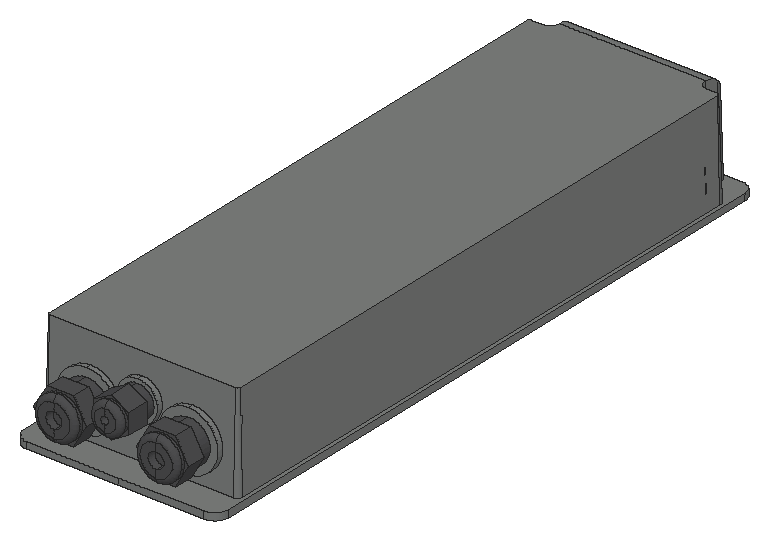
Revit family "Thorn ALTIS GEN5 Gearbox-Performance-class C3 without NTC", category Electrical Fixtures, host Face, Revit 2023
Family settings
  Host = Face
  Round Connector Dimension = Use Diameter
  Part Type = Normal
  Cut with Voids When Loaded = Yes
  Maintain Annotation Orientation = No
  Shared = Yes
  Room Calculation Point = Yes
Parameters (values of type "ALG5 GB LE 2100W 1.40A 550V 3CH RDMX")
  Wattage = 2100 W
  URL = "https://www.thornlighting.com/96684150"
  Type Image = TLG_ALG5_F_GB_LE_2100W.jpg
  Type IFC Predefined Type = "DIRECTIONSOURCE"
  Power Factor = 1
  Model = "96684150"
  Material Housing = Thorn-Aluminium-RAL 7043-Traffic Grey B
  Manufacturer = "Thorn Lighting"  # constant formula
  Luminaire Width = 152 mm  # constant formula
  Luminaire Length = 500 mm  # constant formula
  Luminaire Height = 77 mm  # constant formula
  Lamp = "LED"  # constant formula
  Export Type to IFC As = "IfcLightFixtureType"
  Description = "LED Control Gear"  # constant formula
  Default Elevation = 0 mm  # constant formula
  Assembly Code = "Pr_60_70_48_54"
  Apparent Load = Wattage / Power Factor  # 2100 VA
Types (8, lengths in mm): name | URL | Model
  ALG5 GB LE 2100W 0.85A 550V 3CH DA | "https://www.thornlighting.com/96684149" | "96684149"
  ALG5 GB LE 2100W 0.85A 550V 3CH RDMX | "https://www.thornlighting.com/96684152" | "96684152"
  ALG5 GB LE 2100W 1.05A 550V 3CH DA | "https://www.thornlighting.com/96684148" | "96684148"
  ALG5 GB LE 2100W 1.05A 550V 3CH RDMX | "https://www.thornlighting.com/96684151" | "96684151"
  ALG5 GB LE 2100W 1.25A 550V 3CH DA | "https://www.thornlighting.com/96688776" | "96688776"
  ALG5 GB LE 2100W 1.25A 550V 3CH RDMX | "https://www.thornlighting.com/96688777" | "96688777"
  ALG5 GB LE 2100W 1.40A 550V 3CH DA | "https://www.thornlighting.com/96684147" | "96684147"
  ALG5 GB LE 2100W 1.40A 550V 3CH RDMX | "https://www.thornlighting.com/96684150" | "96684150"
Reference planes
  plane 1 "Center (Front/Back)": y = 0
  plane 2: z = 0
  plane 3 "Center (Left/Right)": x = 0
  plane 4: x = -76
  plane 5: x = 76
  plane 6: y = 250
  plane 7: y = -250
  plane 8: z = 77
  plane 9: x = -38
  plane 10: y = -226.5
Forms (mm)
  Extrusion 1, solid, material "Thorn-Aluminium-RAL 7043-Traffic Grey B" <- "Material Housing"
    sketch origin (0, 0, 0) x (1, 0, 0) y (0, 1, 0)
      loop
        arc (-66, 250) -> (-73.071, 247.071) -> (-76, 240) r 10
        line (-76, 240) -> (-76, -240)
        arc (-76, -240) -> (-73.071, -247.071) -> (-66, -250) r 10
        line (-66, -250) -> (1.871, -250) -> (66, -250)
        arc (66, -250) -> (73.071, -247.071) -> (76, -240) r 10
        line (76, -240) -> (76, 240)
        arc (76, 240) -> (73.071, 247.071) -> (66, 250) r 10
        line (66, 250) -> (-2.525, 250) -> (-66, 250)
    from 0 to 5
  Blend 2, solid, material "Thorn-Aluminium-RAL 7043-Traffic Grey B" <- "Material Housing"
    base sketch origin (0, 0, 0) x (1, 0, 0) y (0, 1, 0)
      loop
        arc (-73, -222.5) -> (-71.828, -225.328) -> (-69, -226.5) r 4
        line (-69, -226.5) -> (69, -226.5)
        arc (69, -226.5) -> (71.828, -225.328) -> (73, -222.5) r 4
        line (73, -222.5) -> (73, 221)
        arc (73, 221) -> (71.828, 223.828) -> (69, 225) r 4
        line (69, 225) -> (61, 225)
        arc (61, 225) -> (58.172, 226.172) -> (57, 229) r 4
        line (57, 229) -> (57, 241)
        arc (57, 241) -> (55.243, 245.243) -> (51, 247) r 6
        line (51, 247) -> (0, 247) -> (-50, 247)
        arc (-50, 247) -> (-54.243, 245.243) -> (-56, 241) r 6
        line (-56, 241) -> (-56, 229)
        arc (-56, 229) -> (-57.172, 226.172) -> (-60, 225) r 4
        line (-60, 225) -> (-69, 225)
        arc (-69, 225) -> (-71.828, 223.828) -> (-73, 221) r 4
        line (-73, 221) -> (-73, -222.5)
    top sketch origin (0, 0, 0) x (1, 0, 0) y (0, 1, 0)
      loop
        line (-71, 221) -> (-71, -222.5)
        arc (-71, -222.5) -> (-70.414, -223.914) -> (-69, -224.5) r 2
        line (-69, -224.5) -> (69, -224.5)
        arc (69, -224.5) -> (70.414, -223.914) -> (71, -222.5) r 2
        line (71, -222.5) -> (71, 221)
        arc (71, 221) -> (70.414, 222.414) -> (69, 223) r 2
        line (69, 223) -> (61, 223)
        arc (61, 223) -> (56.757, 224.757) -> (55, 229) r 6
        line (55, 229) -> (55, 241)
        arc (55, 241) -> (53.828, 243.828) -> (51, 245) r 4
        line (51, 245) -> (0, 245) -> (-50, 245)
        arc (-50, 245) -> (-52.828, 243.828) -> (-54, 241) r 4
        line (-54, 241) -> (-54, 229)
        arc (-54, 229) -> (-55.757, 224.757) -> (-60, 223) r 6
        line (-60, 223) -> (-69, 223)
        arc (-69, 223) -> (-70.414, 222.414) -> (-71, 221) r 2
    from 5 to 77
  Revolve 3, solid, material "Thorn-Plastic-RAL 9005-Jet Black"
    sketch origin (-38, -4546.061, 94.787) x (0, 0, 1) y (0, -1, 0)
      loop
        line (-45.646, -4316.561) -> (-45.646, -4306.609) -> (-61.646, -4306.609) -> (-61.646, -4316.561) -> (-45.646, -4316.561)
      loop
        line (-55.646, -4292.561) -> (-45.646, -4292.561) -> (-45.646, -4290.561)
        arc (-45.646, -4290.561) -> (-46.817, -4287.732) -> (-49.646, -4286.561) r 4
        line (-49.646, -4286.561) -> (-55.646, -4286.561) -> (-55.646, -4292.561)
      axis (-61.646, -4316.561) -> (-61.646, -4286.561)
    angle from 0 to 360
  Extrusion 4, solid, material "Thorn-Aluminium-RAL 7043-Traffic Grey B" <- "Material Housing"
    sketch origin (-173.759, -226.5, 1219.2) x (-1, 0, 0) y (0, 0, 1)
      loop
        circle (-135.759, -1186.059) r 22
    from 5 to -3
  Extrusion 5, solid, material "Thorn-Plastic-RAL 9005-Jet Black"
    sketch origin (-969.698, -250, 1179.325) x (-1, 0, 0) y (0, 0, -1)
      loop
        line (-921.883, 1129.184) -> (-912.068, 1146.184) -> (-921.883, 1163.184) -> (-941.513, 1163.184) -> (-951.328, 1146.184) -> (-941.513, 1129.184) -> (-921.883, 1129.184)
    from 3.5 to -10.548
  Revolve 6, solid, material "Thorn-Plastic-RAL 9005-Jet Black"
    sketch origin (0, -4546.061, 107.912) x (0, 0, 1) y (0, -1, 0)
      loop
        line (-49.646, -4316.561) -> (-49.646, -4308.561) -> (-61.646, -4308.561) -> (-61.646, -4316.561) -> (-49.646, -4316.561)
      loop
        line (-58.646, -4292.561) -> (-49.646, -4292.561) -> (-49.646, -4290.561)
        arc (-49.646, -4290.561) -> (-50.817, -4287.732) -> (-53.646, -4286.561) r 4
        line (-53.646, -4286.561) -> (-58.646, -4286.561) -> (-58.646, -4292.561)
      axis (-61.646, -4316.561) -> (-61.646, -4286.561)
    angle from 0 to 360
  Extrusion 7, solid, material "Thorn-Aluminium-RAL 7043-Traffic Grey B" <- "Material Housing"
    sketch origin (-135.759, -226.5, 1232.325) x (-1, 0, 0) y (0, 0, 1)
      loop
        circle (-135.759, -1186.059) r 15
    from 5 to -3
  Extrusion 8, solid, material "Thorn-Plastic-RAL 9005-Jet Black"
    sketch origin (-931.698, -250, 1192.45) x (-1, 0, 0) y (0, 0, -1)
      loop
        line (-931.698, 1131.184) -> (-918.708, 1138.684) -> (-918.708, 1153.684) -> (-931.698, 1161.184) -> (-944.688, 1153.684) -> (-944.688, 1138.684) -> (-931.698, 1131.184)
    from 3.5 to -12.5
  Revolve 9, solid, material "Thorn-Plastic-RAL 9005-Jet Black"
    sketch origin (38, -4546.061, 94.787) x (0, 0, 1) y (0, 1, 0)
      loop
        line (-45.646, 4316.561) -> (-61.646, 4316.561) -> (-61.646, 4306.609) -> (-45.646, 4306.609) -> (-45.646, 4316.561)
      loop
        line (-55.646, 4292.561) -> (-55.646, 4286.561) -> (-49.646, 4286.561)
        arc (-49.646, 4286.561) -> (-46.817, 4287.732) -> (-45.646, 4290.561) r 4
        line (-45.646, 4290.561) -> (-45.646, 4292.561) -> (-55.646, 4292.561)
      axis (-61.646, 4316.561) -> (-61.646, 4286.561)
    angle from 0 to 360
  Extrusion 10, solid, material "Thorn-Aluminium-RAL 7043-Traffic Grey B" <- "Material Housing"
    sketch origin (173.759, -226.5, 1219.2) x (1, 0, 0) y (0, 0, -1)
      loop
        circle (-135.759, 1186.059) r 22
    from 5 to -3
  Extrusion 11, solid, material "Thorn-Plastic-RAL 9005-Jet Black"
    sketch origin (969.698, -250, 1179.325) x (1, 0, 0) y (0, 0, 1)
      loop
        line (-921.883, -1129.184) -> (-941.513, -1129.184) -> (-951.328, -1146.184) -> (-941.513, -1163.184) -> (-921.883, -1163.184) -> (-912.068, -1146.184) -> (-921.883, -1129.184)
    from 3.5 to -10.548
  Extrusion 12, void
    sketch origin (0, 0, 0) x (0, 1, 0) y (0, 0, 1)
      loop
        line (247, 5) -> (250, 5) -> (250, 87) -> (223, 87) -> (223, 77) -> (230.411, 77)
        arc (230.411, 77) -> (240.869, 72.753) -> (245.405, 62.417) r 15
        line (245.405, 62.417) -> (247, 5)
    from -80 to 80
Cuts and joins
  Extrusion 12 cuts Blend 2
  joined: Blend 2, Extrusion 4, Extrusion 7, Extrusion 10
Dimensions and locks
  equal spacing: plane 4, plane 3 "Center (Left/Right)", plane 5
  "Luminaire Width": plane 4 to plane 5
  equal spacing: plane 7, plane 1 "Center (Front/Back)", plane 6
  "Luminaire Length": plane 7 to plane 6
  "Luminaire Height": plane 8 to level
  plane 3 "Center (Left/Right)" to plane 9 = 38 mm
  aligned and locked: plane 2 to host face
  aligned and locked: level to host face
  aligned and locked: Extrusion 1 sketch curve to plane 6
  aligned and locked: plane 4 to Extrusion 1 sketch curve
  aligned and locked: Extrusion 1 sketch curve to plane 7
  aligned and locked: plane 5 to Extrusion 1 sketch curve
  aligned and locked: plane 8 to Blend 2
Automatic sketch dimensions
  host sketch curve to host sketch curve = 2438.4 mm  (x2)
  Extrusion 1 sketch curve to Extrusion 1 sketch curve = 10 mm  (x3)
  Extrusion 1 sketch curve to plane 3 "Center (Left/Right)" = 2.525 mm
  plane 3 "Center (Left/Right)" to Extrusion 1 sketch curve = 1.871 mm
  plane 5 to Extrusion 1 sketch curve = 10 mm
  Blend 2 sketch curve to plane 10 = 0 mm
  Blend 2 sketch curve to plane 3 "Center (Left/Right)" = 0 mm  (x2)
  Blend 2 sketch curve to plane 9 = 12 mm  (x2)
  Blend 2 sketch curve to Blend 2 sketch curve = 6 mm  (x4)
  Blend 2 sketch curve to Blend 2 sketch curve = 4 mm  (x4)
  plane 4 to Blend 2 sketch curve = 7 mm  (x4)
  plane 4 to Blend 2 sketch curve = 3 mm
  plane 5 to Blend 2 sketch curve = 25 mm  (x2)
  plane 5 to Blend 2 sketch curve = 7 mm  (x4)
  plane 5 to Blend 2 sketch curve = 3 mm
  Blend 2 sketch curve to plane 6 = 29 mm  (x2)
  Blend 2 sketch curve to plane 6 = 9 mm  (x2)
  plane 10 to Blend 2 sketch curve = 2 mm
  Blend 2 sketch curve to Blend 2 sketch curve = 2 mm  (x2)
  Blend 2 sketch curve to Blend 2 sketch curve = 20 mm  (x2)
  Revolve 3 sketch curve to plane 7 = 10.548 mm
  level to Revolve 3 sketch curve = 33.141 mm
  plane 7 to Revolve 3 sketch curve = 9.5 mm
  Revolve 3 sketch curve to Revolve 3 sketch curve = 6 mm  (x2)
  Revolve 3 sketch curve to Revolve 3 sketch curve = 4 mm
  Revolve 3 sketch curve to plane 10 = 3 mm
  Revolve 3 sketch curve to Revolve 3 sketch curve = 16 mm
  Revolve 3 sketch curve to Revolve 3 sketch curve = 2 mm
  Revolve 3 sketch curve to Revolve 3 sketch curve = 0 mm
  plane 10 to Revolve 3 sketch curve = 9 mm
  Revolve 3 sketch curve to Revolve 3 sketch curve = 68 mm
  Extrusion 4 sketch curve to Extrusion 4 sketch curve = 0 mm  (x2)
  Extrusion 4 sketch curve to plane 9 = 0 mm
  level to Extrusion 4 sketch curve = 33.141 mm
  level to Extrusion 4 sketch curve = 11.141 mm
  plane 9 to Extrusion 5 sketch curve = 9.815 mm  (x2)
  Extrusion 5 sketch curve to plane 4 = 18.37 mm
  Extrusion 5 sketch curve to level = 16.141 mm
  Extrusion 5 sketch curve to Extrusion 5 sketch curve = 17 mm  (x3)
  Revolve 6 sketch curve to plane 10 = 11 mm
  Revolve 6 sketch curve to plane 8 = 30.734 mm
  plane 7 to Revolve 6 sketch curve = 9.5 mm
  Revolve 6 sketch curve to Revolve 6 sketch curve = 3 mm
  Revolve 6 sketch curve to Revolve 6 sketch curve = 5 mm
  Revolve 6 sketch curve to Revolve 6 sketch curve = 4 mm
  Revolve 6 sketch curve to plane 10 = 3 mm
  Revolve 6 sketch curve to Revolve 6 sketch curve = 12 mm
  Revolve 6 sketch curve to Revolve 6 sketch curve = 2 mm
  Revolve 6 sketch curve to Revolve 6 sketch curve = 0 mm
  plane 10 to Revolve 6 sketch curve = 9 mm
  Revolve 6 sketch curve to Revolve 6 sketch curve = 68 mm
  Extrusion 7 sketch curve to Extrusion 7 sketch curve = 0 mm  (x2)
  Extrusion 7 sketch curve to plane 3 "Center (Left/Right)" = 0 mm
  Extrusion 7 sketch curve to plane 8 = 30.734 mm
  Extrusion 7 sketch curve to Extrusion 7 sketch curve = 15 mm
  Extrusion 8 sketch curve to plane 3 "Center (Left/Right)" = 0 mm  (x2)
  Extrusion 8 sketch curve to plane 3 "Center (Left/Right)" = 12.99 mm
  plane 3 "Center (Left/Right)" to Extrusion 8 sketch curve = 12.99 mm
  Extrusion 8 sketch curve to level = 31.266 mm
  Extrusion 8 sketch curve to Extrusion 8 sketch curve = 7.5 mm  (x3)
  Extrusion 8 sketch curve to Extrusion 8 sketch curve = 15 mm  (x2)
  Revolve 9 sketch curve to plane 7 = 10.548 mm
  level to Revolve 9 sketch curve = 33.141 mm
  plane 7 to Revolve 9 sketch curve = 9.5 mm
  Revolve 9 sketch curve to Revolve 9 sketch curve = 6 mm  (x2)
  Revolve 9 sketch curve to Revolve 9 sketch curve = 4 mm
  Revolve 9 sketch curve to plane 10 = 3 mm
  Revolve 9 sketch curve to Revolve 9 sketch curve = 16 mm
  Revolve 9 sketch curve to Revolve 9 sketch curve = 2 mm
  Revolve 9 sketch curve to Revolve 9 sketch curve = 0 mm
  Revolve 9 sketch curve to Revolve 9 sketch curve = 68 mm
  plane 10 to Revolve 9 sketch curve = 9 mm
  Extrusion 10 sketch curve to Extrusion 10 sketch curve = 0 mm  (x2)
  plane 3 "Center (Left/Right)" to Extrusion 10 sketch curve = 38 mm
  level to Extrusion 10 sketch curve = 33.141 mm
  Extrusion 10 sketch curve to plane 8 = 21.859 mm
  plane 3 "Center (Left/Right)" to Extrusion 11 sketch curve = 18.37 mm
  Extrusion 11 sketch curve to Extrusion 11 sketch curve = 9.815 mm  (x2)
  Extrusion 11 sketch curve to Extrusion 11 sketch curve = 19.63 mm  (x2)
  plane 5 to Extrusion 11 sketch curve = 18.37 mm
  level to Extrusion 11 sketch curve = 16.141 mm
  Extrusion 11 sketch curve to Extrusion 11 sketch curve = 17 mm  (x3)
  Extrusion 12 sketch curve to plane 8 = 0 mm
  Extrusion 12 sketch curve to plane 6 = 0 mm
  Extrusion 12 sketch curve to plane 6 = 4.595 mm
  Extrusion 12 sketch curve to Extrusion 12 sketch curve = 14.994 mm
  Extrusion 12 sketch curve to Extrusion 12 sketch curve = 7.411 mm
  Extrusion 12 sketch curve to plane 8 = 14.583 mm
  plane 8 to Extrusion 12 sketch curve = 10 mm
  Extrusion 12 sketch curve to Extrusion 12 sketch curve = 3 mm
  level to Extrusion 12 sketch curve = 5 mm
  Extrusion 5 sketch curve to plane 9 = 9.815 mm  (x2)
  plane 3 "Center (Left/Right)" to Extrusion 5 sketch curve = 18.37 mm
Connectors
  electrical at (0, 0, 0), driven by "Apparent Load", driven by "Power Factor"
    settings: index 1, voltage 220 V, apparent load 2100 VA, apparent load phase1 0 VA, apparent load phase2 0 VA, apparent load phase3 0 VA, power factor 1, load classification "Lighting", number of poles 1, system type 30, power factor state 1, is connector primary yes, connector utility no, sub classification motor no, connector description ""
